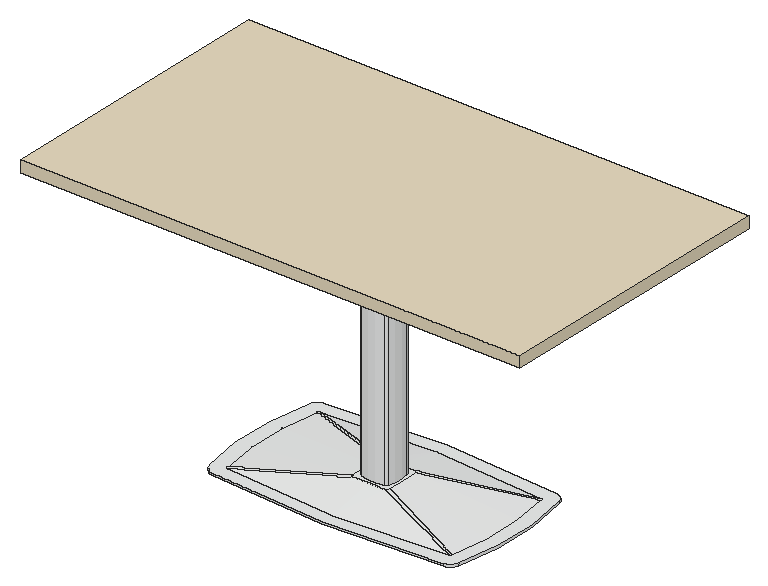
Revit family "FU_Table_Sandler_514-AX", category Furniture, Revit 2020
Family settings
  OmniClass Number = 23.40.20.00
  OmniClass Title = General Furniture and Specialties
  Work Plane-Based = No
  Always vertical = Yes
  Cut with Voids When Loaded = No
  Shared = No
  Room Calculation Point = No
Parameters (values of type "514 AX - 32x55" (80x140cm)")
  Width = 740 mm
  URL = "https://www.sandlerseating.com/product/ax-514-adjustable-feet/"
  Top Size = FU_TableTops_MT Sqr : 32x55" Top (80x140cm)
  Top Elevation = Height  # 720 mm
  Top Finish [instance] = Wood - Beech - Honey Stained
  Model = "514 AX"
  Manufacturer = "Sandler"
  Height = 720 mm
  Frame Finish [instance] = Metal - Paint -AL VR - Traffic White
  Description = "Dining height table base with adjustable glides, suitable for rectangular top sizes up to 80cm x 140cm / 32″ x 55″. Painted VR finish. Optional upcharge for outdoor version with galvanized-treated frame and adjustable feet."
  Depth = 440 mm
  Default Elevation = 0 mm
Types (10, lengths in mm): name | Top Size | Top Finish | Frame Finish
  (no name) | FU_TableTops_MT Sqr : 32x55" Top (80x140cm) | Wood - Beech - Honey Stained | Metal - Paint -AL VR - Traffic White
  514 AX - 24x40" (60x100cm) | FU_TableTops_MT Sqr : 24x40" Top (60x100cm) | Wood - Beech - Grey Stained | Metal - Paint -AL VR - Jet Black
  514 AX - 24x48" (60x120cm) | FU_TableTops_MT Sqr : 24x48" Top (60x120cm) | Wood - Beech - Honey Stained | Metal - Paint -AL VR - Pewter
  514 AX - 24x44" (60x110cm) | FU_TableTops_MT Sqr : 24x44" Top (60x110cm) | Wood - Beech - Honey Stained | Metal - Paint -AL VR - White Aluminium
  514 AX - 28x44" (70x110cm) | FU_TableTops_MT Sqr : 28x44" Top (70x110cm) | Wood - Beech - Dark Brown Stained | Metal - Paint -AL VR - White Aluminium
  514 AX - 28x51" (70x130cm) | FU_TableTops_MT Sqr : 28x52" Top (70x130cm) | Wood - Beech - Honey Stained | Metal - Paint -AL VR - Pewter
  514 AX - 28x48" (70x120cm) | FU_TableTops_MT Sqr : 28x48" Top (70x120cm) | Wood - Beech - Honey Stained | Metal - Paint -AL VR - Anthracite Grey
  514 AX - 32x48" (80x120cm) | FU_TableTops_MT Sqr : 32x48" Top (80x120cm) | Wood - Beech - Honey Stained | Metal - Paint -AL VR - Anthracite Grey
  514 AX - 32x51" (80x130cm) | FU_TableTops_MT Sqr : 32x52" Top (80x130cm) | Wood - Beech - Honey Stained | Metal - Paint -AL VR - Rough Metallic Bronze
  514 AX - 32x55" (80x140cm) | FU_TableTops_MT Sqr : 32x55" Top (80x140cm) | Wood - Beech - Honey Stained | Metal - Paint -AL VR - Traffic White
Reference planes
  plane 1 "Center (Front/Back)": y = 0
  plane 2: z = 0
  plane 3 "Center (Left/Right)": x = 0
  plane 4 "Right": x = -370
  plane 5 "Left": x = 370
  plane 6 "Back": y = 220
  plane 7 "Front": y = -220
  plane 8 "Height": z = 720
  plane 9 "Top Support": z = 693.5
  plane 10 "Glide Height": z = 3.5
  plane 11 "Base Base": z = 9.5
  plane 12 "Base Top": z = 33.5
  plane 13 "Pads Front": y = -178.367
  plane 14 "Pads Right": x = -328.367
  plane 15 "Pads Back": y = 178.367
  plane 16 "Pads Left": x = 328.367
Forms (mm)
  Revolve 1, solid, material "Rubber, Black"
    sketch origin (26.426, 178.367, 0) x (1, 0, 0) y (0, 0, 1)
      loop
        line (-354.687, 0) -> (-354.687, 3.5) -> (-362.687, 3.5) -> (-362.687, 2)
        arc (-362.687, 2) -> (-362.101, 0.586) -> (-360.687, 0) r 2
        line (-360.687, 0) -> (-354.687, 0)
      axis (-354.687, 3.5) -> (-354.687, 0)
    angle from 0 to 360
  Revolve 2, solid, material "Rubber, Black"
    sketch origin (-25.633, -178.367, 0) x (1, 0, 0) y (0, 0, 1)
      loop
        line (354, 0) -> (360, 0)
        arc (360, 0) -> (361.414, 0.586) -> (362, 2) r 2
        line (362, 2) -> (362, 3.5) -> (354, 3.5) -> (354, 0)
      axis (354, 3.5) -> (354, 0)
    angle from 0 to 360
  Revolve 3, solid, material "Rubber, Black"
    sketch origin (-328.367, 25.633, 0) x (0, 1, 0) y (0, 0, 1)
      loop
        line (-204, 3.5) -> (-212, 3.5) -> (-212, 2)
        arc (-212, 2) -> (-211.414, 0.586) -> (-210, 0) r 2
        line (-210, 0) -> (-204, 0) -> (-204, 3.5)
      axis (-204, 3.5) -> (-204, 0)
    angle from 0 to 360
  Revolve 4, solid, material "Rubber, Black"
    sketch origin (328.367, -25.508, 0) x (0, 1, 0) y (0, 0, 1)
      loop
        line (204, 3.5) -> (204, 0) -> (210, 0)
        arc (210, 0) -> (211.414, 0.586) -> (212, 2) r 2
        line (212, 2) -> (212, 3.5) -> (204, 3.5)
      axis (204, 3.5) -> (204, 0)
    angle from 0 to 360
  Extrusion 5, solid, material "Metal - Paint -AL VR - Traffic White" <- "Frame Finish"
    sketch origin (0, 0, 3.5) x (-1, 0, 0) y (0, -1, 0)
      loop
        arc (38.144, -32.247) -> (42.5, 0) -> (38.145, 32.246) r 121.548
        arc (38.145, 32.246) -> (35.953, 36.009) -> (32.185, 38.192) r 8.5
        arc (32.185, 38.192) -> (0, 42.5) -> (-32.184, 38.194) r 122.405
        arc (-32.184, 38.194) -> (-35.952, 36.011) -> (-38.145, 32.248) r 8.5
        arc (-38.145, 32.248) -> (-42.5, 0) -> (-38.143, -32.248) r 121.548
        arc (-38.143, -32.248) -> (-35.951, -36.011) -> (-32.183, -38.194) r 8.5
        arc (-32.183, -38.194) -> (0, -42.5) -> (32.183, -38.193) r 122.405
        arc (32.183, -38.193) -> (35.951, -36.01) -> (38.144, -32.247) r 8.5
    from 0 to 690
  Extrusion 6, solid, material "Metal - Paint -AL VR - Traffic White" <- "Frame Finish"
    sketch origin (0, 0, 720) x (-1, 0, 0) y (0, -1, 0)
      loop
        line (184.1, -179) -> (184.1, 179)
        arc (184.1, 179) -> (182.636, 182.536) -> (179.1, 184) r 5
        line (179.1, 184) -> (-178.9, 184)
        arc (-178.9, 184) -> (-182.436, 182.536) -> (-183.9, 179) r 5
        line (-183.9, 179) -> (-183.9, -179)
        arc (-183.9, -179) -> (-182.436, -182.536) -> (-178.9, -184) r 5
        line (-178.9, -184) -> (179.1, -184)
        arc (179.1, -184) -> (182.636, -182.536) -> (184.1, -179) r 5
    from 0 to -5
  Blend 7, solid, material "Metal - Paint -AL VR - Traffic White" <- "Frame Finish"
    base sketch origin (0, 0, 693.5) x (-1, 0, 0) y (0, -1, 0)
      loop
        arc (140.731, 130.019) -> (137.802, 137.09) -> (130.731, 140.019) r 10
        line (130.731, 140.019) -> (-129.269, 140.019)
        arc (-129.269, 140.019) -> (-136.34, 137.09) -> (-139.269, 130.019) r 10
        line (-139.269, 130.019) -> (-139.269, -129.981)
        arc (-139.269, -129.981) -> (-136.34, -137.052) -> (-129.269, -139.981) r 10
        line (-129.269, -139.981) -> (130.731, -139.981)
        arc (130.731, -139.981) -> (137.802, -137.052) -> (140.731, -129.981) r 10
        line (140.731, -129.981) -> (140.731, 130.019)
    top sketch origin (0, 0, 693.5) x (-1, 0, 0) y (0, -1, 0)
      loop
        line (52, -45.5) -> (52, 45.524)
        arc (52, 45.524) -> (50.103, 50.103) -> (45.524, 52) r 6.476
        line (45.524, 52) -> (-45.5, 52)
        arc (-45.5, 52) -> (-50.096, 50.096) -> (-52, 45.5) r 6.5
        line (-52, 45.5) -> (-52, -45.5)
        arc (-52, -45.5) -> (-50.096, -50.096) -> (-45.5, -52) r 6.5
        line (-45.5, -52) -> (45.5, -52)
        arc (45.5, -52) -> (50.096, -50.096) -> (52, -45.5) r 6.5
    from 23.003 to 0
  Extrusion 8, void
    sketch origin (0, 0, 720) x (-1, 0, 0) y (0, -1, 0)
      loop
        circle (152.5, -152.349) r 3.599
      loop
        circle (-152.5, -152.349) r 3.599
      loop
        circle (152.5, 152.651) r 3.599
      loop
        circle (-152.5, 152.651) r 3.599
      loop
        circle (22.627, -22.627) r 3.5
      loop
        circle (-22.627, -22.627) r 3.5
      loop
        circle (22.627, 22.627) r 3.5
      loop
        circle (-22.627, 22.627) r 3.5
      loop
        circle (0, 21) r 2.5
      loop
        circle (0, 0) r 6.5
    from -26.5 to 0
  Extrusion 9, solid, material "Metal - Paint -AL VR - Traffic White" <- "Frame Finish"
    sketch origin (0, 0, 3.5) x (-1, 0, 0) y (0, -1, 0)
      loop
        arc (324.799, -197.855) -> (340.936, -190.295) -> (349.948, -174.922) r 30.033
        arc (349.948, -174.922) -> (370.069, 0) -> (349.948, 174.922) r 770.389
        arc (349.948, 174.922) -> (340.941, 190.3) -> (324.799, 197.855) r 29.999
        arc (324.799, 197.855) -> (0, 220) -> (-324.799, 197.855) r 2392.974
        arc (-324.799, 197.855) -> (-340.941, 190.3) -> (-349.948, 174.922) r 29.999
        arc (-349.948, 174.922) -> (-370.069, 0) -> (-349.948, -174.922) r 770.389
        arc (-349.948, -174.922) -> (-340.941, -190.3) -> (-324.799, -197.855) r 29.999
        arc (-324.799, -197.855) -> (0, -220) -> (324.799, -197.855) r 2392.974
    from 0 to 6
  Blend 10, solid, material "Metal - Paint -AL VR - Traffic White" <- "Frame Finish"
    base sketch origin (0, 0, 9.5) x (-1, 0, 0) y (0, -1, 0)
      loop
        arc (309.678, -161.635) -> (312.495, -160.058) -> (314.035, -157.221) r 5.81
        arc (314.035, -157.221) -> (331.07, 0) -> (314.035, 157.221) r 734.041
        arc (314.035, 157.221) -> (312.085, 160.436) -> (308.574, 161.783) r 5.81
        arc (308.574, 161.783) -> (-0.557, 182.288) -> (-309.678, 161.635) r 2332.062
        arc (-309.678, 161.635) -> (-312.495, 160.058) -> (-314.035, 157.221) r 5.81
        arc (-314.035, 157.221) -> (-331.07, 0) -> (-314.035, -157.221) r 734.041
        arc (-314.035, -157.221) -> (-312.495, -160.058) -> (-309.678, -161.635) r 5.81
        arc (-309.678, -161.635) -> (0, -182.288) -> (309.678, -161.635) r 2332.062
    top sketch origin (0, 0, 9.5) x (-1, 0, 0) y (0, -1, 0)
      loop
        arc (45.5, -52) -> (50.096, -50.096) -> (52, -45.5) r 6.5
        line (52, -45.5) -> (52, 45.524)
        arc (52, 45.524) -> (50.103, 50.103) -> (45.524, 52) r 6.476
        line (45.524, 52) -> (-45.5, 52)
        arc (-45.5, 52) -> (-50.096, 50.096) -> (-52, 45.5) r 6.5
        line (-52, 45.5) -> (-52, -45.5)
        arc (-52, -45.5) -> (-50.096, -50.096) -> (-45.5, -52) r 6.5
        line (-45.5, -52) -> (45.5, -52)
    from 0 to 24
Cuts and joins
  Extrusion 8 cuts Extrusion 6
  Extrusion 8 cuts Blend 7
Dimensions and locks
  equal spacing: plane 4 "Right", plane 3 "Center (Left/Right)", plane 5 "Left"
  "Width": plane 4 "Right" to plane 5 "Left"
  equal spacing: plane 6 "Back", plane 1 "Center (Front/Back)", plane 7 "Front"
  "Depth": plane 6 "Back" to plane 7 "Front"
  "Height": plane 8 "Height" to level
  locked: plane 8 "Height" to plane 9 "Top Support" at 26.5
  locked: plane 13 "Pads Front" to plane 7 "Front" at 41.633
  locked: plane 4 "Right" to plane 14 "Pads Right" at 41.633
  locked: plane 6 "Back" to plane 15 "Pads Back" at 41.633
  locked: plane 16 "Pads Left" to plane 5 "Left" at 41.633
  aligned and locked: level to plane 2
  aligned and locked: Extrusion 5 to plane 10 "Glide Height"
  aligned and locked: plane 9 "Top Support" to Extrusion 5
  aligned and locked: Blend 7 to plane 9 "Top Support"
  aligned and locked: plane 9 "Top Support" to Blend 7  (x4)
  aligned and locked: Extrusion 8 to plane 9 "Top Support"
  aligned and locked: plane 8 "Height" to Extrusion 8
Automatic sketch dimensions
  plane 3 "Center (Left/Right)" to Blend 7 sketch curve = 52 mm
  Blend 7 sketch curve to Blend 7 sketch curve = 6.5 mm  (x2)
  Blend 7 sketch curve to plane 3 "Center (Left/Right)" = 45.5 mm
  Blend 7 sketch curve to plane 3 "Center (Left/Right)" = 45.524 mm
  Blend 7 sketch curve to Blend 7 sketch curve = 6.476 mm
  Blend 7 sketch curve to plane 1 "Center (Front/Back)" = 52 mm
  plane 1 "Center (Front/Back)" to Blend 7 sketch curve = 45.5 mm
  Extrusion 8 sketch curve to plane 3 "Center (Left/Right)" = 0 mm  (x2)
  plane 1 "Center (Front/Back)" to Extrusion 8 sketch curve = 0 mm
  plane 3 "Center (Left/Right)" to Extrusion 8 sketch curve = 22.627 mm  (x2)
  Extrusion 8 sketch curve to plane 3 "Center (Left/Right)" = 22.627 mm  (x2)
  Extrusion 8 sketch curve to plane 1 "Center (Front/Back)" = 22.627 mm  (x2)
  plane 1 "Center (Front/Back)" to Extrusion 8 sketch curve = 21 mm
  plane 1 "Center (Front/Back)" to Extrusion 8 sketch curve = 22.627 mm  (x2)
  plane 7 "Front" to Extrusion 8 sketch curve = 67.349 mm  (x2)
  Extrusion 8 sketch curve to plane 4 "Right" = 217.5 mm  (x2)
  plane 5 "Left" to Extrusion 8 sketch curve = 217.5 mm  (x2)
  Extrusion 8 sketch curve to plane 6 "Back" = 67.651 mm  (x2)
  Revolve 1 sketch curve to plane 10 "Glide Height" = 0 mm
  Revolve 1 sketch curve to level = 0 mm
  plane 10 "Glide Height" to Revolve 1 sketch curve = 1.5 mm
  plane 4 "Right" to Revolve 1 sketch curve = 33.739 mm
  Revolve 1 sketch curve to Revolve 1 sketch curve = 6 mm
  Revolve 1 sketch curve to Revolve 1 sketch curve = 0 mm
  level to Revolve 1 sketch curve = 10.049 mm
  plane 11 "Base Base" to Revolve 1 sketch curve = 2.095 mm
  Revolve 4 sketch curve to plane 10 "Glide Height" = 0 mm
  Revolve 4 sketch curve to level = 0 mm
  plane 6 "Back" to Revolve 4 sketch curve = 41.508 mm
  plane 10 "Glide Height" to Revolve 4 sketch curve = 1.5 mm
  Revolve 4 sketch curve to Revolve 4 sketch curve = 6 mm
  plane 11 "Base Base" to Revolve 4 sketch curve = 1.201 mm
  Revolve 4 sketch curve to Revolve 4 sketch curve = 0 mm
  level to Revolve 4 sketch curve = 5.787 mm
  Revolve 3 sketch curve to plane 10 "Glide Height" = 0 mm
  Revolve 3 sketch curve to level = 0 mm
  plane 7 "Front" to Revolve 3 sketch curve = 33.633 mm
  Revolve 3 sketch curve to Revolve 3 sketch curve = 2 mm
  Revolve 3 sketch curve to Revolve 3 sketch curve = 6 mm
  Revolve 3 sketch curve to plane 11 "Base Base" = 1.201 mm
  Revolve 3 sketch curve to Revolve 3 sketch curve = 0 mm
  Revolve 3 sketch curve to level = 5.787 mm
  Revolve 2 sketch curve to level = 0 mm
  Revolve 2 sketch curve to plane 10 "Glide Height" = 0 mm
  plane 5 "Left" to Revolve 2 sketch curve = 41.633 mm
  Revolve 2 sketch curve to plane 10 "Glide Height" = 1.5 mm
  Revolve 2 sketch curve to Revolve 2 sketch curve = 6 mm
  Revolve 2 sketch curve to Revolve 2 sketch curve = 0 mm
  Revolve 2 sketch curve to level = 10.049 mm
  Revolve 2 sketch curve to plane 11 "Base Base" = 2.095 mm
  plane 1 "Center (Front/Back)" to Extrusion 5 sketch curve = 0.002 mm  (x2)
  plane 3 "Center (Left/Right)" to Extrusion 5 sketch curve = 79.048 mm
  plane 3 "Center (Left/Right)" to Extrusion 5 sketch curve = 29.948 mm
  plane 3 "Center (Left/Right)" to Extrusion 5 sketch curve = 29.949 mm
  plane 3 "Center (Left/Right)" to Extrusion 5 sketch curve = 0.002 mm  (x2)
  Extrusion 5 sketch curve to plane 3 "Center (Left/Right)" = 29.948 mm
  Extrusion 5 sketch curve to plane 3 "Center (Left/Right)" = 29.95 mm
  Extrusion 5 sketch curve to Extrusion 5 sketch curve = 49.099 mm
  Extrusion 5 sketch curve to plane 1 "Center (Front/Back)" = 29.992 mm
  Extrusion 5 sketch curve to plane 1 "Center (Front/Back)" = 29.993 mm
  Extrusion 5 sketch curve to Extrusion 5 sketch curve = 49.912 mm
  plane 1 "Center (Front/Back)" to Extrusion 5 sketch curve = 29.993 mm
  plane 1 "Center (Front/Back)" to Extrusion 5 sketch curve = 29.992 mm
  Extrusion 5 sketch curve to Extrusion 5 sketch curve = 49.913 mm
  plane 1 "Center (Front/Back)" to Extrusion 5 sketch curve = 32.248 mm
  Extrusion 5 sketch curve to Extrusion 5 sketch curve = 0 mm  (x7)
  plane 3 "Center (Left/Right)" to Blend 7 sketch curve = 139.269 mm
  Blend 7 sketch curve to Blend 7 sketch curve = 10 mm  (x3)
  Blend 7 sketch curve to plane 13 "Pads Front" = 38.348 mm
  Blend 7 sketch curve to plane 3 "Center (Left/Right)" = 130.731 mm  (x2)
  Blend 7 sketch curve to plane 15 "Pads Back" = 38.386 mm
  plane 15 "Pads Back" to Extrusion 6 sketch curve = 0.633 mm
  plane 16 "Pads Left" to Extrusion 6 sketch curve = 144.467 mm
  plane 15 "Pads Back" to Extrusion 6 sketch curve = 5.633 mm
  Extrusion 6 sketch curve to Extrusion 6 sketch curve = 5 mm
  plane 13 "Pads Front" to Extrusion 6 sketch curve = 5.633 mm
  plane 14 "Pads Right" to Extrusion 6 sketch curve = 149.267 mm  (x2)
  plane 13 "Pads Front" to Extrusion 6 sketch curve = 0.633 mm
  plane 1 "Center (Front/Back)" to Extrusion 9 sketch curve = 0 mm  (x2)
  Extrusion 9 sketch curve to plane 3 "Center (Left/Right)" = 0 mm  (x2)
  plane 16 "Pads Left" to Extrusion 9 sketch curve = 7.64 mm  (x2)
  Extrusion 9 sketch curve to plane 5 "Left" = 30.32 mm
  plane 14 "Pads Right" to Extrusion 9 sketch curve = 7.668 mm
  plane 14 "Pads Right" to Extrusion 9 sketch curve = 7.64 mm
  plane 4 "Right" to Extrusion 9 sketch curve = 30.32 mm
  Extrusion 9 sketch curve to plane 15 "Pads Back" = 10.264 mm
  Extrusion 9 sketch curve to plane 15 "Pads Back" = 10.233 mm
  Extrusion 9 sketch curve to plane 13 "Pads Front" = 10.233 mm
  Extrusion 9 sketch curve to plane 7 "Front" = 1952.974 mm
  plane 16 "Pads Left" to Extrusion 9 sketch curve = 3.568 mm
  Extrusion 9 sketch curve to Extrusion 9 sketch curve = 0 mm  (x4)
  Extrusion 9 sketch curve to Extrusion 9 sketch curve = 4.072 mm
  Extrusion 9 sketch curve to plane 15 "Pads Back" = 3.445 mm
  plane 14 "Pads Right" to Extrusion 9 sketch curve = 3.568 mm  (x2)
  Extrusion 9 sketch curve to plane 13 "Pads Front" = 3.445 mm
  plane 1 "Center (Front/Back)" to Blend 10 sketch curve = 0 mm  (x2)
  Blend 10 sketch curve to plane 3 "Center (Left/Right)" = 0 mm  (x2)
  plane 16 "Pads Left" to Blend 10 sketch curve = 20.007 mm  (x2)
  Blend 10 sketch curve to plane 5 "Left" = 32.971 mm
  plane 14 "Pads Right" to Blend 10 sketch curve = 20.007 mm  (x2)
  Blend 10 sketch curve to plane 15 "Pads Back" = 22.39 mm  (x2)
  Blend 10 sketch curve to plane 13 "Pads Front" = 22.39 mm  (x2)
  Blend 10 sketch curve to plane 7 "Front" = 1929.774 mm
  Blend 10 sketch curve to Blend 10 sketch curve = 1.319 mm  (x3)
  Blend 10 sketch curve to Blend 10 sketch curve = 5.675 mm  (x3)
  Blend 10 sketch curve to Blend 10 sketch curve = 0 mm  (x3)
  Blend 10 sketch curve to Blend 10 sketch curve = 0.214 mm
  Blend 10 sketch curve to plane 3 "Center (Left/Right)" = 45.5 mm
  Blend 10 sketch curve to Blend 10 sketch curve = 6.5 mm  (x2)
  Blend 10 sketch curve to plane 1 "Center (Front/Back)" = 52 mm
  plane 3 "Center (Left/Right)" to Blend 10 sketch curve = 45.5 mm  (x2)
  Blend 10 sketch curve to Blend 10 sketch curve = 6.476 mm
  plane 1 "Center (Front/Back)" to Blend 10 sketch curve = 45.5 mm
  radius of Extrusion 8 sketch curve = 3.599 mm  (x4)
  radius of Extrusion 8 sketch curve = 3.5 mm  (x4)
  radius of Extrusion 8 sketch curve = 2.5 mm
  radius of Extrusion 8 sketch curve = 6.5 mm
Nested families
  nested 1: "FU_TableTops_MT Sqr" at (0, 0, 0), type <- "Top Size", Top Elevation <- "Top Elevation", type "32x55" Top (80x140cm)"
    with Top Finish Wood - Beech - Honey Stained, Top Elevation 720 mm
Definition of nested family "FU_TableTops_MT Sqr"
  Parameters (values of type "24x48" Top (60x120cm)")
    Width = 1200 mm
    Top Finish [instance] = none
    Top Elevation [instance] = 1100 mm
    Depth = 600 mm
    Default Elevation = 0 mm
  Types (16, lengths in mm): name | Width | Depth
    28x48" Top (70x120cm) | 1200 | 700
    28x52" Top (70x130cm) | 1300 | 700
    32x48" Top (80x120cm) | 1200 | 800
    32x52" Top (80x130cm) | 1300 | 800
    28x55" Top (70x140cm) | 1400 | 700
    32x55" Top (80x140cm) | 1400 | 800
    24" Square (60cm) | 600 | 600
    28" Square (70cm) | 700 | 700
    32" Square (80cm) | 800 | 800
    36" Square (90cm) | 900 | 900
    40" Square (100cm) | 1000 | 1000
    44" Square (110cm) | 1100 | 1100
    28x44" Top (70x110cm) | 1100 | 700
    24x40" Top (60x100cm) | 1000 | 600
    24x44" Top (60x110cm) | 1100 | 600
    24x48" Top (60x120cm) | 1200 | 600
  Reference planes
    plane 1 "Center (Front/Back)": y = 0
    plane 2: z = 0
    plane 3 "Center (Left/Right)": x = 0
    plane 4 "Right": x = -600
    plane 5 "Left": x = 600
    plane 6 "Back": y = 300
    plane 7 "Front": y = -300
    plane 8 "Elevation": z = 1100
    plane 9 "Top Height": z = 1131.75
  Forms (mm)
    Extrusion 1, solid, material <- "Top Finish"
      sketch origin (0, 0, 1100) x (-1, 0, 0) y (0, -1, 0)
        loop
          line (600, -300) -> (600, 300) -> (-600, 300) -> (-600, -300) -> (600, -300)
      from 0 to 31.75
  Dimensions and locks
    equal spacing: plane 4 "Right", plane 3 "Center (Left/Right)", plane 5 "Left"
    "Width": plane 4 "Right" to plane 5 "Left"
    equal spacing: plane 6 "Back", plane 1 "Center (Front/Back)", plane 7 "Front"
    "Depth": plane 6 "Back" to plane 7 "Front"
    "Top Elevation": plane 8 "Elevation" to level
    locked: plane 9 "Top Height" to plane 8 "Elevation" at 31.75
    aligned and locked: level to plane 2
    aligned and locked: Extrusion 1 sketch curve to plane 6 "Back"
    aligned and locked: Extrusion 1 sketch curve to plane 4 "Right"
    aligned and locked: plane 7 "Front" to Extrusion 1 sketch curve
    aligned and locked: plane 5 "Left" to Extrusion 1 sketch curve
    aligned and locked: Extrusion 1 to plane 8 "Elevation"
    aligned and locked: plane 8 "Elevation" to Extrusion 1  (x2)
    aligned and locked: plane 9 "Top Height" to Extrusion 1
    aligned and locked: Extrusion 1 to plane 9 "Top Height"
